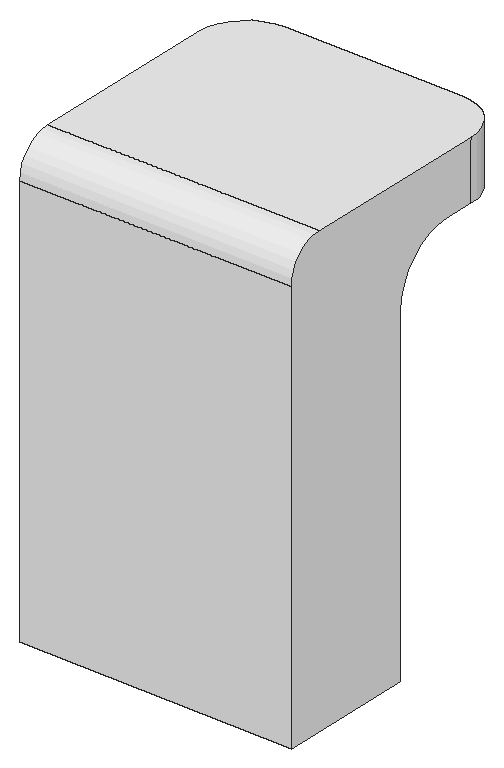
Revit family "Robe-Hook_Contemporary_Neorest_YH990_TOTO", category Furniture, host Face, Revit 2013
Parameters
  ecoScorecard_data = " "
  ecoScorecard Product Page = "  "
  Width = 1 7/16"  # constant formula
  Warranty URL = "http://www.totousa.com/warranty-registration"
  Warranty = "Lifetime Limited Warranty (Residential Use), One Year Limited (Commercial Use)"  # constant formula
  URL = "http://www.totousa.com"
  Toto BIM Number = "BM-00227"  # constant formula
  Subcategory = "Accessories"  # constant formula
  Style = "Contemporary"  # constant formula
  Spec Sheet URL = "http://assets.totousa.com/product-files/SS-00009_YB990_YC990_YH990_YP990.pdf"
  Shipping Weight = 0.80 lbf
  Series = "Neorest"  # constant formula
  Product Page URL = " "
  Parts Manual URL = " "
  Owners Manual URL = "  "
  Model = "YH990"  # constant formula
  Manufacturer Toll Free Phone = "1-888-295-8134"  # constant formula
  Manufacturer Phone = "(770) 282-8686 "  # constant formula
  Manufacturer Fax = "(770) 282-0002"  # constant formula
  Manufacturer Email = "mailto:custservice@totousa.com "
  Manufacturer Address = "1155 Southern Road, Morrow, Georgia 30260"  # constant formula
  Manufacturer = "TOTO USA, Inc."  # constant formula
  Height = 1 7/16"  # constant formula
  Finish = Metal - TOTO - Chrome - Polished
  Description = "Robe Hook"  # constant formula
  Depth = 2 3/8"  # constant formula
  Default Elevation = 0"
  Cost Info = "mailto:custservice@totousa.com "
  Color Availability = "#CP  Polished Chrome"  # constant formula
  CAD Drawing URL = "http://assets.totousa.com/product-files/AD-00106_YH990.dxf"
  Assembly Code = "C1030200"
  95 CSI = "10800"
  04 CSI = "10 28 00"
Reference planes (in)
  plane 1 "Center (Front/Back)": y = 0
  plane 2: z = 0
  plane 3 "Center (Left/Right)": x = -0.00054
  plane 4: y = 0.71875
  plane 5: y = -0.71875
  plane 6: x = -0.71929
  plane 7: x = 0.71821
  plane 8: z = 2.375
Dimensions and locks (in)
  equal spacing: plane 4, plane 1 "Center (Front/Back)", plane 5
  "Height": plane 4 to plane 5
  "Width": plane 6 to plane 7
  equal spacing: plane 6, plane 3 "Center (Left/Right)", plane 7
  "Depth": plane 8 to level
  aligned and locked: plane 2 to host face
  aligned and locked: level to host face
  aligned and locked: plane 3 "Center (Left/Right)" to nested 1
  aligned and locked: plane 1 "Center (Front/Back)" to nested 1
Automatic sketch dimensions
  host sketch curve to host sketch curve = 12.42054"
  host sketch curve to host sketch curve = 16"
Nested families (in)
  nested 1: "YH990" at (-0.00054, 0, 0), type "YH990"
Definition of nested family "YH990"
  Parameters (values of type "YH990")
    Width = 1.43858"  # constant formula
    URL = ""
    Shipping Weight = 0.75 lbf
    Model = "YH990"  # constant formula
    Manufacturer = ""
    Height = 1.43858"  # constant formula
    Finish = Metal - TOTO - Chrome - Polished
    Description = "Robe Hook"
    Depth = 2.37717"  # constant formula
    Default Elevation = 48"
    Assembly Code = ""
  Reference planes (in)
    plane 1 "Center (Front/Back)": y = 0
    plane 2: z = 0
    plane 3 "Center (Left/Right)": x = 0
    plane 4: y = -0.71929
    plane 5: y = 0.71929
    plane 6: z = 2.37717
    plane 7: x = -0.71929
    plane 8: x = 0.71929
  Forms (in)
    Extrusion 1, solid
      sketch origin (0, 0, 0) x (1, 0, 0) y (0, 1, 0)
        loop
          line (-48, 48) -> (-48, -48) -> (48, -48) -> (48, 48) -> (-48, 48)
      from 0 to -12
    Extrusion 2, solid, material "Metal - TOTO - Chrome - Polished" <- "Finish"
      sketch origin (-11.13127, -0.32453, 0) x (0, 1, 0) y (0, 0, 1)
        loop
          line (-0.39476, 0) -> (0.32453, 0) -> (0.32453, 1.75433)
          arc (0.32453, 1.75433) -> (0.41574, 1.97454) -> (0.63595, 2.06575) r 0.31142
          line (0.63595, 2.06575) -> (0.8618, 2.06575)
          arc (0.8618, 2.06575) -> (0.99264, 2.11994) -> (1.04684, 2.25079) r 0.18504
          line (1.04684, 2.25079) -> (1.04684, 2.37717) -> (-0.20972, 2.37717)
          arc (-0.20972, 2.37717) -> (-0.34056, 2.32297) -> (-0.39476, 2.19213) r 0.18504
          line (-0.39476, 2.19213) -> (-0.39476, 0)
      from 10.41198 to 11.85057
    Extrusion 3, void
      sketch origin (0, 0.00302, 0) x (1, 0, 0) y (0, 1, 0)
        loop
          arc (0.46929, 0.71929) -> (0.64607, 0.64607) -> (0.71929, 0.46929) r 0.25
          line (0.71929, 0.46929) -> (0.71929, 0.71929) -> (0.46929, 0.71929)
        loop
          line (-0.46929, 0.71929) -> (-0.71929, 0.71929) -> (-0.71929, 0.46929)
          arc (-0.71929, 0.46929) -> (-0.64607, 0.64607) -> (-0.46929, 0.71929) r 0.25
      from 2.06575 to 2.37717
  Cuts and joins
    Extrusion 3 cuts Extrusion 2
  Lines and regions (in)
    symbolic lines
      curve 1: line (-0.71929, 0, 2.06575) -> (0.71929, 0, 2.06575)
  Dimensions and locks (in)
    "Height": plane 4 to plane 5
    equal spacing: plane 4, plane 1 "Center (Front/Back)", plane 5
    "Width": plane 8 to plane 7
    equal spacing: plane 8, plane 3 "Center (Left/Right)", plane 7
    locked: plane 4 to Extrusion 2 sketch curve at 0
    locked: Extrusion 2 sketch curve to plane 6 at 0
    locked: Extrusion 2 sketch curve to plane 1 "Center (Front/Back)" at 0
    locked: Extrusion 2 sketch curve to plane 5 at 0.00302
    locked: plane 4 to Extrusion 2 sketch curve at 0.18504
    locked: Extrusion 2 sketch curve to plane 1 "Center (Front/Back)" at 0.31142
    locked: plane 5 to Extrusion 2 sketch curve at 0.18202
    locked: Extrusion 2 sketch curve to plane 6 at 0.62283
    locked: Extrusion 3 sketch curve to plane 5 at 0.00302  (x2)
    locked: Extrusion 3 sketch curve to plane 7 at 0
    locked: Extrusion 3 sketch curve to plane 8 at 0
    locked: Extrusion 3 sketch curve to Extrusion 3 sketch curve at 0.25  (x2)
    "Depth": plane 6 to plane 2
    locked: curve 1 to plane 6 at 0.31142
    locked: plane 8 to curve 1 at 0
    aligned and locked: plane 2 to Extrusion 1
    aligned and locked: level to Extrusion 1
    aligned and locked: plane 6 to Extrusion 3
    aligned and locked: Extrusion 2 to Extrusion 3
    aligned and locked: plane 6 to cut or joined group of Extrusion 2, Extrusion 3  (x2)
    aligned and locked: cut or joined group of Extrusion 2, Extrusion 3 to plane 7
    aligned and locked: cut or joined group of Extrusion 2, Extrusion 3 to plane 8
    aligned and locked: cut or joined group of Extrusion 2, Extrusion 3 to plane 2  (x2)
    aligned and locked: plane 5 to cut or joined group of Extrusion 2, Extrusion 3
    aligned and locked: cut or joined group of Extrusion 2, Extrusion 3 to plane 6
    aligned and locked: cut or joined group of Extrusion 2, Extrusion 3 to plane 4
    aligned and locked: cut or joined group of Extrusion 2, Extrusion 3 to plane 1 "Center (Front/Back)"
    aligned and locked: plane 8 to cut or joined group of Extrusion 2, Extrusion 3
    aligned and locked: plane 7 to cut or joined group of Extrusion 2, Extrusion 3
  Automatic sketch dimensions
    Extrusion 1 sketch curve to Extrusion 1 sketch curve = 96"  (x2)
    Extrusion 2 sketch curve to level = 0"
    curve 1 to plane 7 = 0"
